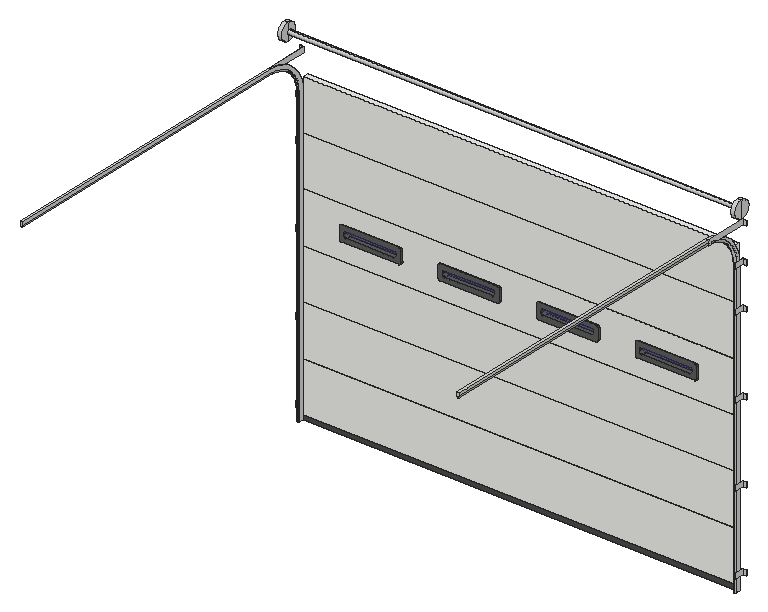
Revit family "Overhead-Sect_HAAS_Res_2500", category Doors, host Wall, Revit 2023
Family settings
  Host = Wall
  OmniClass Number = 23.30.10.17.37.14
  OmniClass Title = Sectional Overhead Doors
  Always vertical = Yes
  Cut with Voids When Loaded = No
  Shared = No
  Room Calculation Point = No
Parameters
  rearspring = no
  Warranty Duration (Years) = 0
  Viewport Frame Finish [instance] = Finish - Trim - HAAS - Black
  Unit Width [instance] = if(Wood Jamb, Opening Width, Opening Width + 0' 2")  # 14' - 0"
  Wood Jamb [instance] = yes
  URL = "http://www.haasdoor.com/about/index.html"
  U Value = 0
  Type Comments = ""
  Track_High Lift_CHECK WITH HAAS FOR VALUE [instance] = 0' - 7"
  Track [instance] = Steel
  Thickness = 0' - 0"  # constant formula
  Test Data = ""
  Steel Jamb [instance] = not(Wood Jamb)  # no
  Standards Conformance = "as Specified"
  Specification = ""
  SpecWizard = ""
  Send Message = ""
  Sales Information = "http://www.haasdoor.com/locator/index.php"
  Rough Width = 0' - 0"  # constant formula
  Rough Height = 0' - 0"  # constant formula
  Roof Incline Default = 0.00°
  Revision = "R1_2015-11"
  Recycled Content [instance] = "as Specified"
  R-Value = 13.45
  Product Properties = ""
  Product Data = "http://www.arcat.com/arcatcos/cos32/arc32915.html"
  Panel Width [instance] = 14' - 0"
  Panel Thickness = 0' - 2"
  Panel Material_Interior [instance] = Metal - Steel - HAAS - Polar White V-Groove
  Panel Material_Inset Panel [instance] = Metal - Steel - HAAS - Polar White
  Panel Material_Exterior [instance] = Metal - Steel - HAAS - Polar White
  Panel Height [instance] = if(1 = 1, Opening Height, 0' 0")  # 10' - 0"
  Overhead Sectional Style [instance] = Door_Overhead-Sectional-Panel_Haas_No-Inset-Panels : Design B
  Operation = "Overhead Sectional"
  Opening Width [instance] = 14' - 0"
  Opening Height [instance] = 10' - 0"
  Track Type [instance] = Tracks_Standard-Lift : Tracks_Standard-Lift
  Model = ""
  Max Width = 0' - 0"
  Max Height = 0' - 0"
  Manufacturer Website = "http://www.haasdoor.com/about/index.html"
  Manufacturer Phone - Toll Free = ""
  Manufacturer Phone = "419-337-9900"
  Manufacturer Fax = "800-874-4227"
  Manufacturer Address = "320 Sycamore Rd. Wauseon, OH 43567"
  Manufacturer = "Haas Door Co."
  Maintenance Schedule (Months) = 0
  Keynote = "08360"
  Interior Skin = "as Specified"
  Installation-Fabrication = ""
  Installation Phase = ""
  Green Building-LEED = ""
  Viewport Glazing [instance] = Glass
  Function = 1
  Height = 0' - 0"  # constant formula
  Wall Closure = (empty or 0)
  Width = 0' - 0"  # constant formula
  Fire Rating = ""
  Exterior Skin = "as Specified"
  Expected Lifespan (Years) = 0
  End Stile Type = "as Specified"
  Drawn By = "Sumex Design, Inc."
  Description = "Haas Residential Overhead Sectional Door - 2500 Series"
  Cost = 0
  Copyright = "©Arcat Inc."  # constant formula
  Construction Type = ""
  Construction Details = ""
  Building Codes = ""
  Bottom Seal Color [instance] = Finish - Weather Seal - HAAS - Black
  Assembly Code = "B2030410"
  AAMA Designation = "as Specified"
  3in Track [instance] = not([2in Track])  # no
  2in Track [instance] = yes
Reference planes (in)
  plane 1 "Center (Front/Back)": y = 0
  plane 2 "Center (Left/Right)": x = 0
  plane 3 "Left": x = -84
  plane 4 "Right": x = 84
  plane 5 "Top": z = 120
  plane 6 "Exterior": y = 3
  plane 7 "Interior": y = -3
  plane 8: z = 2
  plane 9 "Back of Panel": y = -5
  plane 10: y = -4
  plane 11 "Track": y = -4.625
Lines and regions (in)
  Opening 1
    outline origin (-90, -3, 0) x (1, 0, 0) y (0, 0, 1)
      loop
        line (6, 0) -> (174, 0) -> (174, 120) -> (6, 120) -> (6, 0)
Text (in)
  text "Exterior" at (-74.96733, 27.31104, 0), in view "Ref. Level"
  text "Interior" at (-74.96733, -25.14366, 0), in view "Ref. Level"
  text "Exterior" at (0, 40.15149, 123.01588), in view "Right"
  text "Interior" at (0, -64.39139, 123.01588), in view "Right"
  text "Interior" at (0, -31.01599, 123.00693), in view "Left"
  text "Exterior" at (0, 54.57065, 123.00693), in view "Left"
Dimensions and locks (in)
  equal spacing: plane 3 "Left", plane 2 "Center (Left/Right)", plane 4 "Right"
  "Opening Height": level to plane 5 "Top"
  "Opening Width": plane 3 "Left" to plane 4 "Right"
  plane 8 to level = 0' - 2"
  plane 3 "Left" to plane 4 "Right" = 14' - 0"
  "Panel Thickness": plane 9 "Back of Panel" to plane 7 "Interior"
  equal spacing: plane 9 "Back of Panel", plane 10, plane 7 "Interior"
  locked: plane 11 "Track" to plane 7 "Interior" at 1.625
  aligned and locked: plane 3 "Left" to Opening 1 sketch curve
  aligned and locked: plane 5 "Top" to Opening 1 sketch curve
  aligned and locked: Opening 1 sketch curve to plane 5 "Top"
  aligned and locked: Opening 1 sketch curve to plane 4 "Right"
  aligned and locked: Opening 1 sketch curve to level
  aligned and locked: plane 6 "Exterior" to host wall
  aligned and locked: plane 7 "Interior" to host wall
  aligned and locked: nested 1 to plane 2 "Center (Left/Right)"
  aligned and locked: level to nested 1
  aligned and locked: nested 1 to plane 11 "Track"
  aligned and locked: nested 2 to plane 2 "Center (Left/Right)"
  aligned and locked: plane 10 to nested 2
Nested families (in)
  nested 1: "Tracks_Standard-Lift" at (0, -5.625, 0), Unit Width <- "Unit Width", Opening Height <- "Opening Height", Track <- "Track", Wood Jamb <- "Wood Jamb", 2in Track <- "2in Track", type <- "Track Type", High Lift Height <- "Track_High Lift_CHECK WITH HAAS FOR VALUE", Door Height <- "Panel Height", Rear Mount Spring <- "rearspring", Roof Incline <- "Roof Incline Default", type "Tracks_Standard-Lift"
    with trackradinsetv 0' - 0", trackradinseth 0' - 0", sideroomint 0' - 1 5/8", roofpitchheight 0' - 0", offsettrackradv 1' - 2.73821", offsettrackradh 1' - 2.99772", offset 0' - 0", highliftcalc 0' - 8", breakoutrun 1, breakoutrise 12, breakawaylength 0' - 0", breakaway angle 1.00°, Wood Jamb yes, Unit Width 14' - 0", Unit Depth 0' - 2", Track Radius 1' - 3", Track Offset from Door Edge 0' - 0 1/2", Track Steel, Steel Jamb no, Standard Spring Location yes, Sideroom_Spring 0' - 3", Sideroom_Jambs 0' - 3", Roof Incline 0.00°, Rear Mount Spring no, Opening Width 14' - 0", Opening Height 10' - 0", High Lift Height 0' - 7", Headroom Clearance 1' - 7", Door Height 10' - 0", Breakaway Start 0' - 8", Back Depth 11' - 6", 3in Track no, 2in Track yes, 1 in 12 Breakout yes, 1 5 in 12 Breakout no
  nested 2: "Door_Overhead-Sectional-Panel_Haas_No-Inset-Panels" at (0, -4, 0) x (-1, 0, 0) z (0, 0, 1), Viewport Finish <- "Viewport Frame Finish", Panel Material_Interior <- "Panel Material_Interior", Panel Material_Inset Panel <- "Panel Material_Inset Panel", Panel Material_Exterior <- "Panel Material_Exterior", Viewport Glazing <- "Viewport Glazing", Bottom Seal Color <- "Bottom Seal Color", Panel Width <- "Panel Width", Panel Thickness <- "Panel Thickness", Panel Height <- "Panel Height", type <- "Overhead Sectional Style", type "Design B"
    with Viewport Glazing Glass, Viewport Finish Finish - Trim - HAAS - Black, Unit Width 14' - 0", Unit Height 1' - 7.66667", Panel Width 14' - 0", Panel Thickness 0' - 2", Panel Material_Interior Metal - Steel - HAAS - Polar White V-Groove, Panel Material_Inset Panel Metal - Steel - HAAS - Polar White, Panel Material_Exterior Metal - Steel - HAAS - Polar White, Panel Height 10' - 0", Panel 9 Vis no, Panel 9 Control 0' - 0", Panel 8 Vis no, Panel 8 Control 0' - 0", Panel 7 Vis no, Panel 7 Control 0' - 0", Panel 6 Vis yes, Panel 6 Control 1' - 7.66667", Panel 5 Vis yes, Panel 5 Control 1' - 7.66667", Panel 4 Vis yes, Panel 4 Control 1' - 7.66667", Panel 3 Vis yes, Panel 3 Control 1' - 7.66667", Panel 2 Vis yes, Panel 2 Control 1' - 7.66667", Panel 10 Vis no, Panel 10 Control 0' - 0", Panel 1 Vis yes, Bottom Seal Color Finish - Weather Seal - HAAS - Black
Definition of nested family "Tracks_Standard-Lift"
  Parameters
    trackradinsetv [instance] = Track Radius - (Track Radius * cos(Roof Incline))  # 0' - 0"
    trackradinseth [instance] = Track Radius * sin(Roof Incline)  # 0' - 0"
    sideroomint [instance] = if(Steel Jamb, 0' 3", 0' 1 5/8")  # 0' - 1 5/8"
    roofpitchheight [instance] = (Back Depth) * tan(Roof Incline)  # 0' - 0"
    offsettrackradv [instance] = Track Radius - (Track Radius * sin(breakaway angle))  # 1' - 2.73821"
    offsettrackradh [instance] = Track Radius * cos(breakaway angle)  # 1' - 2.99772"
    offset [instance] = 0' - 0"  # constant formula
    breakoutrun [instance] = if([1 in 12 Breakout], 1, 1.5)  # 1
    breakoutrise [instance] = 12  # constant formula
    breakawaylength [instance] = (Breakaway Start + High Lift Height - Track Radius) / tan(90.00° - breakaway angle)  # 0' - 0.26183"
    breakaway angle [instance] = 1.00°  # constant formula
    Wood Jamb [instance] = yes
    Unit Width [instance] = 8' - 0"
    Unit Depth [instance] = if([2in Track], 0' 2", if([3in Track], 0' 3", 0' 2"))  # 0' - 3"
    URL = ""
    Track Radius [instance] = 1' - 3"
    Track [instance] = none
    Steel Jamb [instance] = not(Wood Jamb)  # no
    Standard Spring Location [instance] = yes
    Specification = ""
    SpecWizard = ""
    Track Offset from Door Edge [instance] = 0' - 0 1/2"
    Sideroom_Spring [instance] = 0' - 3"  # constant formula
    Sideroom_Jambs [instance] = 0' - 3"  # constant formula
    Sales Information = ""
    Roof Incline [instance] = 0.00°
    Revision = ""
    Rear Mount Spring [instance] = yes
    Product Properties = ""
    Product Data = ""
    Opening Width [instance] = if(Wood Jamb, Unit Width, Unit Width - 0' 1")  # 8' - 0"
    Opening Height [instance] = 8' - 0"
    Model = "As Specified"
    Manufacturer = ""
    Keynote = ""
    Installation-Fabrication = ""
    highliftcalc [instance] = if(Headroom Clearance < 5' 4 3/256", Headroom Clearance - 0' 11", if(and(Headroom Clearance > 5' 4", Headroom Clearance < 11' 1 3/256"), Headroom Clearance - 1' 1", if(and(Headroom Clearance > 11' 1", Headroom Clearance < 15' 0 3/256"), Headroom Clearance - 1' 5", 1' 0")))  # 1' - 11"
    High Lift Height [instance] = 1' - 10"
    Headroom Clearance [instance] = High Lift Height + 1' 0"  # 2' - 10"
    Green Building-LEED = ""
    Drawn By = "Sumex Design, Inc. / Robert S. Weygant, CSI, CDT, SCIP"
    Door Height [instance] = 8' - 0"
    Description = ""
    Default Elevation = 0' - 0"  # constant formula
    Copyright = "©Arcat Inc."
    Construction Details = ""
    Breakaway Start [instance] = if([1 in 12 Breakout], 0' 8", if([1 5 in 12 Breakout], 1' 2", 1' 0"))  # 0' - 8"
    Back Depth [instance] = Door Height + 1' 6"  # 9' - 6"
    Assembly Code = ""
    3in Track [instance] = not([2in Track])  # yes
    2in Track [instance] = no
    1 in 12 Breakout [instance] = yes
    1 5 in 12 Breakout [instance] = not([1 in 12 Breakout])  # no
  Reference planes (in)
    plane 1 "Center (Front/Back)": y = 0
    plane 2 "Bottom": z = 0
    plane 3 "Center (Left/Right)": x = 0
    plane 4 "Front": y = -1.5
    plane 5 "Back": y = 1.5
    plane 6 "Left": x = -48
    plane 7 "Right": x = 48
    plane 8 "Top": z = 121
    plane 9: z = 96
    plane 10: x = -48
    plane 11: x = 48
    plane 12: z = 130
    plane 13: y = -110.875
    plane 14: y = -13.49772
    plane 15: z = 106.26179
    plane 16 "Origin": y = 3.125
    plane 17: z = 74
    plane 18: z = 51.33333
    plane 19: z = 28.66667
    plane 20: z = 6
    plane 21: z = 97.13089
    plane 22: x = 51
    plane 23: x = -51
    plane 24 "Drum CL": y = -1.875
    plane 25: z = 106
    plane 26: z = 118
    plane 27: y = -13.49772
    plane 28: z = 121
    plane 29: x = -49.625
    plane 30: x = 49.625
  Forms (in)
    Extrusion 1, solid, material <- "Track", visible <- "Wood Jamb"
      sketch origin (0, 0, 0) x (1, 0, 0) y (0, 1, 0)
        loop
          line (-49.5, -13.49772) -> (-49.5, 3.125) -> (-51, 3.125) -> (-51, 3) -> (-49.625, 3) -> (-49.625, -13.49772) -> (-49.5, -13.49772)
        loop
          line (49.5, -13.49772) -> (49.625, -13.49772) -> (49.625, 3) -> (51, 3) -> (51, 3.125) -> (49.5, 3.125) -> (49.5, -13.49772)
      from 0 to 121
    Extrusion 2, void
      sketch origin (0, 0, 0) x (0, 1, 0) y (0, 0, 1)
        loop
          line (-1.5, 5) -> (-1.5, 7) -> (3.125, 7) -> (3.125, 27.66667) -> (-1.5, 27.66667) -> (-1.5, 29.66667) -> (3.125, 29.66667) -> (3.125, 50.33333) -> (-1.5, 50.33333) -> (-1.5, 52.33333) -> (3.125, 52.33333) -> (3.125, 73) -> (-1.5, 73) -> (-1.5, 75) -> (3.125, 75) -> (3.125, 105.26179) -> (-1.5, 105.26179) -> (-1.5, 107.26179) -> (3.125, 107.26179) -> (3.125, 119) -> (-13.49772, 119) -> (-13.49772, 0) -> (3.125, 0) -> (3.125, 5) -> (-1.5, 5)
      from -51 to 51
    Extrusion 3, solid, material <- "Track", visible <- "Steel Jamb"
      sketch origin (0, 0, 0) x (1, 0, 0) y (0, 1, 0)
        loop
          line (-51, 3.125) -> (-51, -13.49772) -> (-50.875, -13.49772) -> (-50.875, 3) -> (-48.375, 3) -> (-48.375, 3.125) -> (-51, 3.125)
        loop
          line (51, 3.125) -> (48.375, 3.125) -> (48.375, 3) -> (50.875, 3) -> (50.875, -13.49772) -> (51, -13.49772) -> (51, 3.125)
      from 0 to 121
    Revolve 4, solid, material <- "Track"
      sketch origin (0, -1.875, 0) x (0, 0, -1) y (1, 0, 0)
        loop
          line (-130, -53) -> (-126.75, -53) -> (-126.75, 53) -> (-130, 53) -> (-130, 51.5) -> (-127.5, 51.5) -> (-127.5, -51.5) -> (-130, -51.5) -> (-130, -53)
        axis (-126.75, 53) -> (-126.75, -53)
      angle from 0 to 360
    Sweep 5, solid, material <- "Track"
      path origin (0, 0, 0) x (0, 1, 0) y (0, 0, 1)
        loop
          line (1.5, 0) -> (1.5, 106.26179)
          arc (1.5, 106.26179) -> (-2.98408, 116.69876) -> (-13.49772, 121) r 15
          line (-13.49772, 121) -> (-110.875, 121)
      profile origin (0, -62.18636, 121) x (0, 0, -1) y (1, 0, 0)
        loop
          line (2.62111, -48.5) -> (0, -48.5) -> (0, -49.5) -> (2.25, -49.5)
          arc (2.25, -49.5) -> (2.68414, -49.38263) -> (3, -49.0625) r 0.86161
          line (3, -49.0625) -> (3, -48.71875) -> (2.62111, -48.5)
    Sweep 6, solid, material <- "Track"
      path origin (0, 0, 0) x (0, 1, 0) y (0, 0, 1)
        loop
          line (1.5, 0) -> (1.5, 106.26179)
          arc (1.5, 106.26179) -> (-2.98408, 116.69876) -> (-13.49772, 121) r 15
          line (-13.49772, 121) -> (-110.875, 121)
      profile origin (0, -62.18636, 121) x (0, 0, -1) y (1, 0, 0)
        loop
          line (0, 49.5) -> (0, 48.5) -> (2.62111, 48.5) -> (3, 48.71875) -> (3, 49.0625)
          arc (3, 49.0625) -> (2.68414, 49.38263) -> (2.25, 49.5) r 0.86161
          line (2.25, 49.5) -> (0, 49.5)
  Cuts and joins
    Extrusion 2 cuts Extrusion 1
    Extrusion 2 cuts Extrusion 3
  Lines and regions (in)
    reference lines
      curve 1: arc (0, 0.25, 112.00003) -> (0, -5.28189, 118.54991) -> (0, -13.49772, 121) r 15
      curve 2: line (0, -13.49772, 121) -> (0, -110.875, 121)
  Text (in)
    text "OPENING" at (0, 24.81124, 52.10269), in view "Right"
    text "STANDARD LIFT" at (0, 24.81124, 118.55424), in view "Right"
  Dimensions and locks (in)
    equal spacing: plane 6 "Left", plane 3 "Center (Left/Right)", plane 7 "Right"
    "Unit Width": plane 6 "Left" to plane 7 "Right"
    equal spacing: plane 5 "Back", plane 1 "Center (Front/Back)", plane 4 "Front"
    "Unit Depth": plane 5 "Back" to plane 4 "Front"
    equal spacing: plane 10, plane 3 "Center (Left/Right)", plane 11
    "Opening Width": plane 10 to plane 11
    "Headroom Clearance": plane 12 to plane 9
    "Back Depth": plane 13 to plane 16 "Origin"
    "offsettrackradv": plane 8 "Top" to plane 15
    locked: plane 16 "Origin" to plane 5 "Back" at 1.625
    "Sideroom_Jambs": Extrusion 1 sketch curve to plane 10
    "Sideroom_Jambs": plane 11 to Extrusion 1 sketch curve
    locked: plane 20 to level at 6
    equal spacing: plane 17, plane 18, plane 19, plane 20
    Extrusion 2 sketch curve to plane 20 to Extrusion 2 sketch curve = 0' - 1" locked, 0' - 1" locked
    Extrusion 2 sketch curve to plane 19 to Extrusion 2 sketch curve = 0' - 1" locked, 0' - 1" locked
    Extrusion 2 sketch curve to plane 18 to Extrusion 2 sketch curve = 0' - 1" locked, 0' - 1" locked
    Extrusion 2 sketch curve to plane 17 to Extrusion 2 sketch curve = 0' - 1" locked, 0' - 1" locked
    Extrusion 2 sketch curve to plane 15 to Extrusion 2 sketch curve = 0' - 1" locked, 0' - 1" locked
    "Sideroom_Spring": plane 23 to plane 10
    "Sideroom_Spring": plane 11 to plane 22
    locked: Extrusion 3 sketch curve to plane 10 at 0.375
    locked: plane 11 to Extrusion 3 sketch curve at 0.375
    locked: plane 24 "Drum CL" to plane 16 "Origin" at 5
    locked: Revolve 4 sketch curve to plane 10 at 5
    locked: plane 11 to Revolve 4 sketch curve at 5
    locked: Revolve 4 sketch curve to Revolve 4 sketch curve at 1.5  (x2)
    locked: Revolve 4 sketch curve to Revolve 4 sketch curve at 0.75
    locked: Revolve 4 sketch curve to Revolve 4 sketch curve at 3.25  (x2)
    locked: Extrusion 1 sketch curve to Extrusion 1 sketch curve at 0.125
    "Opening Height": plane 9 to level
    "Track Radius": plane 8 "Top" to plane 25
    "High Lift Height": plane 26 to plane 9
    "Unit Depth": plane 8 "Top" to plane 26
    "offsettrackradh": plane 14 to plane 5 "Back"
    "trackradinseth": plane 14 to plane 27
    "trackradinsetv": plane 8 "Top" to plane 28
    "Unit Depth": Sweep 5 sketch curve to Sweep 5 sketch curve
    locked: plane 8 "Top" to Extrusion 2 sketch curve at 2
    "Unit Depth": Sweep 6 sketch curve to Sweep 6 sketch curve
    Extrusion 1 sketch curve to Extrusion 1 sketch curve to plane 10 = 0' - 0 1/8" locked, 0' - 1 1/2" locked
    equal spacing: Sweep 5 sketch curve, Sweep 5 sketch curve, Sweep 5 sketch curve, Sweep 5 sketch curve, plane 10
    equal spacing: plane 11, Sweep 6 sketch curve, Sweep 6 sketch curve, Sweep 6 sketch curve, Sweep 6 sketch curve
    "sideroomint": plane 29 to plane 10
    plane 29 to Sweep 5 sketch curve to Sweep 5 sketch curve to Sweep 5 sketch curve to Sweep 5 sketch curve = 0' - 0 1/8" locked, 0' - 0 7/16" locked, 0' - 0 11/32" locked, 0' - 0 7/32" locked
    "Sideroom_Jambs": Extrusion 3 sketch curve to plane 10
    locked: Extrusion 3 sketch curve to Extrusion 3 sketch curve at 0.125  (x2)
    "Sideroom_Jambs": plane 11 to Extrusion 3 sketch curve
    locked: plane 11 to Extrusion 1 sketch curve at 1.5
    "sideroomint": plane 11 to plane 30
    Sweep 6 sketch curve to Sweep 6 sketch curve to Sweep 6 sketch curve to Sweep 6 sketch curve to plane 30 = 0' - 0 7/32" locked, 0' - 0 11/32" locked, 0' - 0 7/16" locked, 0' - 0 1/8" locked
    locked: Revolve 4 sketch curve to plane 26 at 8.75
    locked: plane 9 to plane 17 at 22
    "Track Radius": radius of curve 1
    "Track Radius": radius of Sweep 6 sketch curve
    "Roof Incline": angle curve 2 to plane 28
    "Roof Incline": angle Sweep 5 sketch curve to plane 28
    "Roof Incline": angle Sweep 6 sketch curve to plane 28
    aligned and locked: plane 14 to Extrusion 1 sketch curve
    aligned and locked: Extrusion 1 sketch curve to plane 14
    aligned and locked: Extrusion 2 sketch curve to plane 14
    aligned and locked: Extrusion 2 sketch curve to plane 16 "Origin"
    aligned and locked: plane 4 "Front" to Extrusion 2 sketch curve  (x4)
    aligned and locked: Extrusion 2 sketch curve to plane 4 "Front"
    aligned and locked: plane 23 to Extrusion 2
    aligned and locked: Extrusion 2 to plane 22
    aligned and locked: Extrusion 3 sketch curve to plane 14
    aligned and locked: plane 14 to Extrusion 3 sketch curve
    aligned and locked: Revolve 4 sketch curve to Revolve 4 sketch curve
    aligned and locked: plane 27 to curve 1
    aligned and locked: plane 25 to curve 1
    aligned and locked: plane 14 to curve 1
    aligned and locked: plane 13 to curve 2
    aligned and locked: Sweep 5 sketch curve to curve 1
    aligned and locked: plane 13 to Sweep 5 sketch curve
    aligned and locked: plane 27 to Sweep 5 sketch curve
    aligned and locked: plane 8 "Top" to Extrusion 3
    aligned and locked: plane 8 "Top" to Extrusion 1
    aligned and locked: plane 13 to Sweep 6 sketch curve
    aligned and locked: plane 15 to Sweep 5 sketch curve
    aligned and locked: plane 27 to Sweep 6 sketch curve
    aligned and locked: plane 28 to Sweep 6 sketch curve
    aligned and locked: plane 15 to Sweep 6 sketch curve
    aligned and locked: plane 5 "Back" to Sweep 6 sketch curve
  Automatic sketch dimensions
    Extrusion 1 sketch curve to plane 16 "Origin" = 0' - 0"  (x2)
    Extrusion 1 sketch curve to plane 16 "Origin" = 0' - 0 1/8"  (x2)
    Extrusion 3 sketch curve to plane 16 "Origin" = 0' - 0"  (x2)
    Extrusion 3 sketch curve to plane 16 "Origin" = 0' - 0 1/8"  (x2)
    Revolve 4 sketch curve to Revolve 4 sketch curve = 0' - 0"
    Revolve 4 sketch curve to Revolve 4 sketch curve = 0' - 3"
    Sweep 5 sketch curve to level = 0' - 0"
    Sweep 5 sketch curve to profile plane = 0' - 0"
    Sweep 5 sketch curve to Sweep 5 sketch curve = 0' - 0.37111"
    Sweep 5 sketch curve to Sweep 5 sketch curve = 0' - 0.13839"
    Sweep 6 sketch curve to profile plane = 0' - 0"
    Sweep 6 sketch curve to Sweep 6 sketch curve = 0' - 0.37111"
    Sweep 6 sketch curve to Sweep 6 sketch curve = 0' - 0.13839"
    curve 1 to plane 1 "Center (Front/Back)" = 0' - 0 1/4"
    Sweep 6 sketch curve to level = 0' - 0"
    Extrusion 2 sketch curve to plane 16 "Origin" = 0' - 0"  (x5)
    Extrusion 2 sketch curve to level = 0' - 0"
Definition of nested family "Door_Overhead-Sectional-Panel_Haas_No-Inset-Panels"
  Parameters
    Width = 10' - 0"
    Viewport Finish [instance] = none
    Unit Width [instance] = Panel Width  # 10' - 0"
    Unit Height [instance] = if(Number Panels > 3, ((Panel Height - 0' 2") / Number Panels), ((Panel Height - 0' 2") / 4))  # 1' - 7.66667"
    Thickness = 0' - 3"
    Section Type_Row 10 = HAAS_Section_Flush : Standard
    Section Type_Row 9 = HAAS_Section_Flush : Standard
    Section Type_Row 8 = HAAS_Section_Flush : Standard
    Section Type_Row 7 = HAAS_Section_Flush : Standard
    Section Type_Row 6 = HAAS_Section_Flush : Standard
    Section Type_Row 5 = HAAS_Section_Flush : Standard
    Section Type_Row 4 = HAAS_Section_Flush : Standard
    Section Type_Row 3 = HAAS_Section_Flush : Standard
    Section Type_Row 2 = HAAS_Section_Flush : Standard
    Section Type_Row 1 = HAAS_Section_Flush : Standard
    Panel Width [instance] = 10' - 0"
    Panel Thickness [instance] = 0' - 3"
    Panel Material_Interior [instance] = none
    Panel Material_Inset Panel [instance] = none
    Panel Material_Exterior [instance] = none
    Panel Height [instance] = 10' - 0"
    Panel 9 Vis [instance] = Number Panels > 8  # no
    Panel 9 Control [instance] = if(Panel 9 Vis, Unit Height, 0' 0")  # 0' - 0"
    Panel 8 Vis [instance] = Number Panels > 7  # no
    Panel 8 Control [instance] = if(Panel 8 Vis, Unit Height, 0' 0")  # 0' - 0"
    Panel 7 Vis [instance] = Number Panels > 6  # no
    Panel 7 Control [instance] = if(Panel 7 Vis, Unit Height, 0' 0")  # 0' - 0"
    Panel 6 Vis [instance] = Number Panels > 5  # yes
    Panel 6 Control [instance] = if(Panel 6 Vis, Unit Height, 0' 0")  # 1' - 7.66667"
    Panel 5 Vis [instance] = Number Panels > 4  # yes
    Panel 5 Control [instance] = if(Panel 5 Vis, Unit Height, 0' 0")  # 1' - 7.66667"
    Panel 4 Vis [instance] = Number Panels > 3  # yes
    Panel 4 Control [instance] = if(Panel 4 Vis, Unit Height, 0' 0")  # 1' - 7.66667"
    Panel 3 Vis [instance] = Number Panels > 2  # yes
    Panel 3 Control [instance] = if(Panel 3 Vis, Unit Height, 0' 0")  # 1' - 7.66667"
    Panel 2 Vis [instance] = Number Panels > 1  # yes
    Panel 2 Control [instance] = if(Panel 2 Vis, Unit Height, 0' 0")  # 1' - 7.66667"
    Panel 10 Vis [instance] = Number Panels > 9  # no
    Panel 10 Control [instance] = if(Panel 10 Vis, Unit Height, 0' 0")  # 0' - 0"
    Panel 1 Vis [instance] = Number Panels > 0  # yes
    Number Panels = 6
    Viewport Glazing [instance] = none
    Height = 8' - 0"
    End Stile Width_CONTACT HAAS FOR VALUE = 0' - 0"
    Default Elevation = 4' - 0"
    Bottom Seal Color [instance] = none
  Reference planes (in)
    plane 1 "Center (Front/Back)": y = 0
    plane 2: z = 0
    plane 3 "Center (Left/Right)": x = 0
    plane 4 "Left": x = -60
    plane 5 "Right": x = 60
    plane 6 "Back": y = 1.5
    plane 7 "Front": y = -1.5
    plane 8 "1T": z = 21.66667
    plane 9 "1B": z = 2
    plane 10: z = 41.33333
    plane 11 "2B": z = 21.66667
    plane 12: z = 61
    plane 13 "3B": z = 41.33333
    plane 14: z = 80.66667
    plane 15 "4B": z = 61
    plane 16: z = 100.33333
    plane 17 "5B": z = 80.66667
    plane 18: z = 120
    plane 19 "6B": z = 100.33333
    plane 20: z = 120
    plane 21 "7B": z = 100.33333
    plane 22: z = 120
    plane 23 "8B": z = 100.33333
    plane 24: z = 120
    plane 25 "9B": z = 100.33333
    plane 26: z = 120
    plane 27 "10B": z = 100.33333
  Forms (in)
    Extrusion 1, solid, material <- "Bottom Seal Color"
      sketch origin (0, 0, 0) x (0, 1, 0) y (0, 0, 1)
        loop
          line (-1.375, 2) -> (-1.375, 0) -> (1.375, 0) -> (1.375, 2) -> (-1.375, 2)
      from -60 to 60
  Dimensions and locks (in)
    equal spacing: plane 4 "Left", plane 3 "Center (Left/Right)", plane 5 "Right"
    "Panel Width": plane 4 "Left" to plane 5 "Right"
    equal spacing: plane 6 "Back", plane 1 "Center (Front/Back)", plane 7 "Front"
    "Panel Thickness": plane 6 "Back" to plane 7 "Front"
    "Unit Height": plane 8 "1T" to plane 9 "1B"
    "Unit Height": plane 10 to plane 11 "2B"
    "Unit Height": plane 12 to plane 13 "3B"
    "Unit Height": plane 14 to plane 15 "4B"
    "Unit Height": plane 16 to plane 17 "5B"
    "Unit Height": plane 18 to plane 19 "6B"
    "Unit Height": plane 20 to plane 21 "7B"
    "Unit Height": plane 22 to plane 23 "8B"
    "Unit Height": plane 24 to plane 25 "9B"
    "Unit Height": plane 26 to plane 27 "10B"
    locked: plane 9 "1B" to level at 2
    "Panel 2 Control": plane 11 "2B" to plane 9 "1B"
    "Panel 3 Control": plane 13 "3B" to plane 11 "2B"
    "Panel 4 Control": plane 15 "4B" to plane 13 "3B"
    "Panel 5 Control": plane 17 "5B" to plane 15 "4B"
    "Panel 6 Control": plane 19 "6B" to plane 17 "5B"
    "Panel 7 Control": plane 21 "7B" to plane 19 "6B"
    "Panel 8 Control": plane 23 "8B" to plane 21 "7B"
    "Panel 9 Control": plane 25 "9B" to plane 23 "8B"
    "Panel 10 Control": plane 27 "10B" to plane 25 "9B"
    locked: Extrusion 1 sketch curve to plane 6 "Back" at 0.125
    locked: plane 7 "Front" to Extrusion 1 sketch curve at 0.125
    aligned and locked: plane 2 to level
    aligned and locked: plane 3 "Center (Left/Right)" to nested 1
    aligned and locked: plane 3 "Center (Left/Right)" to nested 2
    aligned and locked: plane 3 "Center (Left/Right)" to nested 3
    aligned and locked: plane 3 "Center (Left/Right)" to nested 4
    aligned and locked: plane 3 "Center (Left/Right)" to nested 5
    aligned and locked: plane 3 "Center (Left/Right)" to nested 6
    aligned and locked: plane 3 "Center (Left/Right)" to nested 7
    aligned and locked: plane 3 "Center (Left/Right)" to nested 8
    aligned and locked: plane 3 "Center (Left/Right)" to nested 9
    aligned and locked: plane 3 "Center (Left/Right)" to nested 10
    aligned and locked: plane 1 "Center (Front/Back)" to nested 1
    aligned and locked: plane 1 "Center (Front/Back)" to nested 2
    aligned and locked: plane 1 "Center (Front/Back)" to nested 3
    aligned and locked: plane 1 "Center (Front/Back)" to nested 4
    aligned and locked: nested 5 to plane 1 "Center (Front/Back)"
    aligned and locked: nested 6 to plane 1 "Center (Front/Back)"
    aligned and locked: nested 7 to plane 1 "Center (Front/Back)"
    aligned and locked: nested 8 to plane 1 "Center (Front/Back)"
    aligned and locked: nested 9 to plane 1 "Center (Front/Back)"
    aligned and locked: nested 10 to plane 1 "Center (Front/Back)"
    aligned and locked: plane 5 "Right" to Extrusion 1
    aligned and locked: Extrusion 1 to plane 4 "Left"
  Automatic sketch dimensions
    Extrusion 1 sketch curve to level = 0' - 0"
    Extrusion 1 sketch curve to plane 9 "1B" = 0' - 0"
  Nested families (in)
    nested 1: "HAAS_Section_Flush" at (0, 0, 2), type <- "Section Type_Row 1", visible <- "Panel 1 Vis", Unit Width <- "Unit Width", Unit Height <- "Unit Height", Viewport Glazing <- "Viewport Glazing", Viewport Finish <- "Viewport Finish", Panel Material_Interior <- "Panel Material_Interior", Panel Material_Inset Panel <- "Panel Material_Inset Panel", Panel Material_Exterior <- "Panel Material_Exterior", Unit Depth <- "Panel Thickness", type "Standard"
      with Viewport Glazing none, Viewport Finish none, Unit Width 10' - 0", Unit Height 1' - 7.66667", Unit Depth 0' - 3", Panel Material_Interior none, Panel Material_Inset Panel none, Panel Material_Exterior none
    nested 2: "HAAS_Section_Flush" at (0, 0, 21.66667), type <- "Section Type_Row 2", visible <- "Panel 2 Vis", Unit Width <- "Unit Width", Unit Height <- "Unit Height", Viewport Glazing <- "Viewport Glazing", Viewport Finish <- "Viewport Finish", Panel Material_Interior <- "Panel Material_Interior", Panel Material_Inset Panel <- "Panel Material_Inset Panel", Panel Material_Exterior <- "Panel Material_Exterior", Unit Depth <- "Panel Thickness", type "Standard"
      with Viewport Glazing none, Viewport Finish none, Unit Width 10' - 0", Unit Height 1' - 7.66667", Unit Depth 0' - 3", Panel Material_Interior none, Panel Material_Inset Panel none, Panel Material_Exterior none
    nested 3: "HAAS_Section_Flush" at (0, 0, 41.33333), type <- "Section Type_Row 3", visible <- "Panel 3 Vis", Unit Width <- "Unit Width", Unit Height <- "Unit Height", Viewport Glazing <- "Viewport Glazing", Viewport Finish <- "Viewport Finish", Panel Material_Interior <- "Panel Material_Interior", Panel Material_Inset Panel <- "Panel Material_Inset Panel", Panel Material_Exterior <- "Panel Material_Exterior", Unit Depth <- "Panel Thickness", type "Standard"
      with Viewport Glazing none, Viewport Finish none, Unit Width 10' - 0", Unit Height 1' - 7.66667", Unit Depth 0' - 3", Panel Material_Interior none, Panel Material_Inset Panel none, Panel Material_Exterior none
    nested 4: "HAAS_Section_Flush" at (0, 0, 61), visible <- "Panel 4 Vis", Unit Width <- "Unit Width", Unit Height <- "Unit Height", Viewport Glazing <- "Viewport Glazing", Viewport Finish <- "Viewport Finish", Panel Material_Interior <- "Panel Material_Interior", Panel Material_Inset Panel <- "Panel Material_Inset Panel", Panel Material_Exterior <- "Panel Material_Exterior", type <- "Section Type_Row 4", Unit Depth <- "Panel Thickness", type "Standard"
      with Viewport Glazing none, Viewport Finish none, Unit Width 10' - 0", Unit Height 1' - 7.66667", Unit Depth 0' - 3", Panel Material_Interior none, Panel Material_Inset Panel none, Panel Material_Exterior none
    nested 5: "HAAS_Section_Flush" at (0, 0, 80.66667), type <- "Section Type_Row 5", visible <- "Panel 5 Vis", Unit Width <- "Unit Width", Unit Height <- "Unit Height", Viewport Glazing <- "Viewport Glazing", Viewport Finish <- "Viewport Finish", Panel Material_Interior <- "Panel Material_Interior", Panel Material_Inset Panel <- "Panel Material_Inset Panel", Panel Material_Exterior <- "Panel Material_Exterior", Unit Depth <- "Panel Thickness", type "Standard"
      with Viewport Glazing none, Viewport Finish none, Unit Width 10' - 0", Unit Height 1' - 7.66667", Unit Depth 0' - 3", Panel Material_Interior none, Panel Material_Inset Panel none, Panel Material_Exterior none
    nested 6: "HAAS_Section_Flush" at (0, 0, 100.33333), type <- "Section Type_Row 6", visible <- "Panel 6 Vis", Unit Width <- "Unit Width", Unit Height <- "Unit Height", Viewport Glazing <- "Viewport Glazing", Viewport Finish <- "Viewport Finish", Panel Material_Interior <- "Panel Material_Interior", Panel Material_Inset Panel <- "Panel Material_Inset Panel", Panel Material_Exterior <- "Panel Material_Exterior", Unit Depth <- "Panel Thickness", type "Standard"
      with Viewport Glazing none, Viewport Finish none, Unit Width 10' - 0", Unit Height 1' - 7.66667", Unit Depth 0' - 3", Panel Material_Interior none, Panel Material_Inset Panel none, Panel Material_Exterior none
    nested 7: "HAAS_Section_Flush" at (0, 0, 100.33333), type <- "Section Type_Row 7", visible <- "Panel 7 Vis", Unit Width <- "Unit Width", Unit Height <- "Unit Height", Viewport Glazing <- "Viewport Glazing", Viewport Finish <- "Viewport Finish", Panel Material_Interior <- "Panel Material_Interior", Panel Material_Inset Panel <- "Panel Material_Inset Panel", Panel Material_Exterior <- "Panel Material_Exterior", Unit Depth <- "Panel Thickness", type "Standard"
      with Viewport Glazing none, Viewport Finish none, Unit Width 10' - 0", Unit Height 1' - 7.66667", Unit Depth 0' - 3", Panel Material_Interior none, Panel Material_Inset Panel none, Panel Material_Exterior none
    nested 8: "HAAS_Section_Flush" at (0, 0, 100.33333), type <- "Section Type_Row 8", visible <- "Panel 8 Vis", Unit Width <- "Unit Width", Unit Height <- "Unit Height", Viewport Glazing <- "Viewport Glazing", Viewport Finish <- "Viewport Finish", Panel Material_Interior <- "Panel Material_Interior", Panel Material_Inset Panel <- "Panel Material_Inset Panel", Panel Material_Exterior <- "Panel Material_Exterior", Unit Depth <- "Panel Thickness", type "Standard"
      with Viewport Glazing none, Viewport Finish none, Unit Width 10' - 0", Unit Height 1' - 7.66667", Unit Depth 0' - 3", Panel Material_Interior none, Panel Material_Inset Panel none, Panel Material_Exterior none
    nested 9: "HAAS_Section_Flush" at (0, 0, 100.33333), type <- "Section Type_Row 9", visible <- "Panel 9 Vis", Unit Width <- "Unit Width", Unit Height <- "Unit Height", Viewport Glazing <- "Viewport Glazing", Viewport Finish <- "Viewport Finish", Panel Material_Interior <- "Panel Material_Interior", Panel Material_Inset Panel <- "Panel Material_Inset Panel", Panel Material_Exterior <- "Panel Material_Exterior", Unit Depth <- "Panel Thickness", type "Standard"
      with Viewport Glazing none, Viewport Finish none, Unit Width 10' - 0", Unit Height 1' - 7.66667", Unit Depth 0' - 3", Panel Material_Interior none, Panel Material_Inset Panel none, Panel Material_Exterior none
    nested 10: "HAAS_Section_Flush" at (0, 0, 100.33333), type <- "Section Type_Row 10", visible <- "Panel 10 Vis", Unit Width <- "Unit Width", Unit Height <- "Unit Height", Viewport Glazing <- "Viewport Glazing", Viewport Finish <- "Viewport Finish", Panel Material_Interior <- "Panel Material_Interior", Panel Material_Inset Panel <- "Panel Material_Inset Panel", Panel Material_Exterior <- "Panel Material_Exterior", Unit Depth <- "Panel Thickness", type "Standard"
      with Viewport Glazing none, Viewport Finish none, Unit Width 10' - 0", Unit Height 1' - 7.66667", Unit Depth 0' - 3", Panel Material_Interior none, Panel Material_Inset Panel none, Panel Material_Exterior none
  Definition of nested family "HAAS_Section_Flush"
    Parameters
      Viewport Glazing [instance] = none
      Viewport Finish [instance] = none
      Unit Width [instance] = 10' - 0"
      Unit Height [instance] = 1' - 3.66667"
      Unit Depth [instance] = 0' - 3"
      Panel Material_Interior [instance] = none
      Panel Material_Inset Panel [instance] = none
      Panel Material_Exterior [instance] = none
      Default Elevation = 4' - 0"
    Reference planes (in)
      plane 1 "Center (Front/Back)": y = 0
      plane 2: z = 0
      plane 3 "Center (Left/Right)": x = 0
      plane 4 "Left": x = -60
      plane 5 "Right": x = 60
      plane 6 "Center (Elevation)": z = 7.83333
      plane 7: z = 15.66667
      plane 8 "Back": y = 1.5
      plane 9 "Front": y = -1.5
    Forms (in)
      Extrusion 1, solid, material <- "Panel Material_Exterior"
        sketch origin (0, 0, 0) x (1, 0, 0) y (0, 0, 1)
          loop
            line (-60, 15.66667) -> (-60, 0) -> (60, 0) -> (60, 15.66667) -> (-60, 15.66667)
        from -1.5 to 1.5
    Dimensions and locks (in)
      equal spacing: plane 4 "Left", plane 3 "Center (Left/Right)", plane 5 "Right"
      "Unit Width": plane 4 "Left" to plane 5 "Right"
      equal spacing: plane 7, plane 6 "Center (Elevation)", level
      "Unit Height": plane 7 to level
      equal spacing: plane 8 "Back", plane 1 "Center (Front/Back)", plane 9 "Front"
      "Unit Depth": plane 8 "Back" to plane 9 "Front"
      aligned and locked: plane 2 to level
      aligned and locked: plane 7 to Extrusion 1
      aligned and locked: plane 5 "Right" to Extrusion 1
      aligned and locked: Extrusion 1 to level
      aligned and locked: Extrusion 1 to plane 4 "Left"
      aligned and locked: plane 8 "Back" to Extrusion 1
      aligned and locked: Extrusion 1 to plane 9 "Front"
    Automatic sketch dimensions
      level to Extrusion 1 sketch curve = 0' - 0"
      plane 4 "Left" to Extrusion 1 sketch curve = 0' - 0"
      Extrusion 1 sketch curve to plane 5 "Right" = 0' - 0"
      Extrusion 1 sketch curve to plane 7 = 0' - 0"
